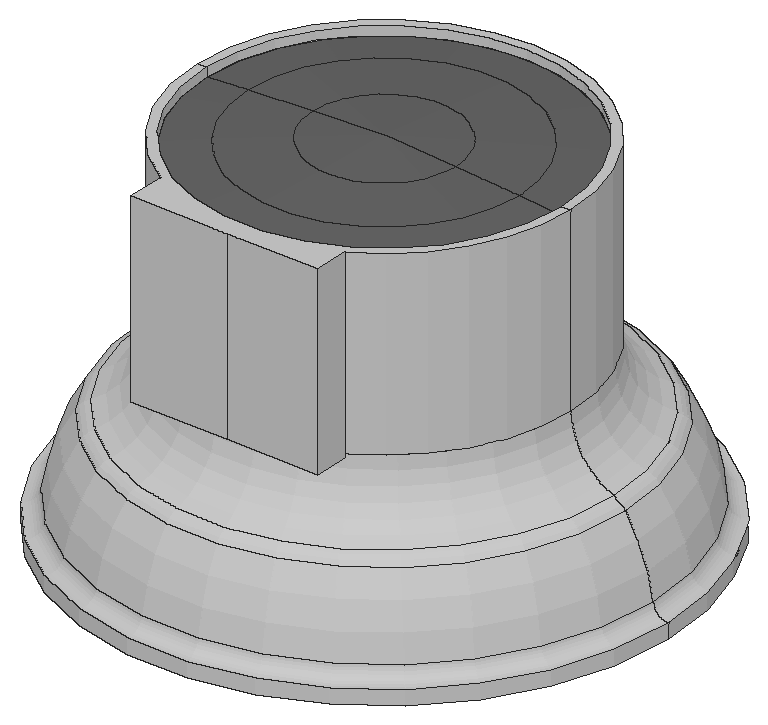
Revit family "DLC7", category Communication Devices, host Face, Revit 2021
Family settings
  Host = Face
  Maintain Annotation Orientation = No
  Round Connector Dimension = Use Diameter
  Part Type = Normal
  OmniClass Number = 23.85.80.11.27
  OmniClass Title = Lighting Controls
  Cut with Voids When Loaded = No
  Shared = Yes
  Room Calculation Point = No
Parameters
  Warranty = "5-Years Warranty"  # constant formula
  Type Comments = "Daylight Harvesting Controls"  # constant formula
  Space Planning = "Stand-Alone Solutions"
  Product Page URL = ""
  Product Documentation Link = ""
  URL = "https://www.currentlighting.com/nxlightingcontrols"
  Mount Type = "Ceiling, Surface"
  Model = "DLC7"  # constant formula
  Manufacturer = " NX Lighting Controls"  # constant formula
  Width = 2.00"
  Features = "Controls 2-wire 0–10V dimming ballasts\r\n• Light-sensitivity range of 0–500FC\r\n• Selectable 3- or 8-second dimming rate\r\n• Multiple calibration options\r\n• Low-profile design\r\n• Five-year limited warranty\r\n• Low voltage device: 24 Vdc"  # constant formula
  Certifications = "ETL/UL 916"
  Black = Paint -  Carbon Black
  Height = 4.50"
  Gray = Paint -  Gray Smooth
  Description = "Our DLC7 is the ideal system for providing continuous dimming control for\r\n2-wire 0–10V dimming ballasts based on natural daylight. This control maintains\r\nconstant, undisturbed, fluorescent light levels during peak use times. Through\r\ncontinuous monitoring of ambient light levels, the DLC7 dims the associated\r\nlighting fixtures to a user’s predefined foot-candle setting. The DLC7 dimming\r\nphotocell provides precise control of the actual amount of lighting on the work\r\nsurface (e.g. desktop, floor) within its field of view. Measured light levels are\r\nconverted into a linear, proportional, analog voltage that controls the ballastdimming range. This achieves maximum energy savings by efficiently blending\r\nnatural and artificial light to maintain a comfortable visual environment. "  # constant formula
  Default Elevation = 48.00"
  Copyright = "Copyright © 2019  NX Lighting Controls"  # constant formula
  Contact Us = ""
  Assembly Code = "D5090"
Reference planes (in)
  plane 1 "Center (Front/Back)": y = 13.01342
  plane 2: z = 0
  plane 3 "Center (Left/Right)": x = 0
  plane 4: x = 1
  plane 5: x = -1
  plane 6: y = 14.01342
  plane 7: y = 12.01342
  plane 8: z = 1.23
Forms (in)
  Revolve 1, solid, material "Paint -  Gray Smooth" <- "Gray"
    sketch origin (0, 13.01342, 0) x (-1, 0, 0) y (0, 0, 1)
      loop
        line (0, 0) -> (1, 0) -> (1, 0.05138)
        arc (1, 0.05138) -> (0.96266, 0.06331) -> (0.9435, 0.09752) r 0.05345
        arc (0.9435, 0.09752) -> (0.90998, 0.22881) -> (0.84747, 0.34903) r 0.59162
        arc (0.84747, 0.34903) -> (0.82934, 0.36848) -> (0.80613, 0.38144) r 0.08565
        arc (0.80613, 0.38144) -> (0.69742, 0.46539) -> (0.65625, 0.59642) r 0.22912
        line (0.65625, 0.59642) -> (0.65625, 1.23) -> (0.62497, 1.23) -> (0.62497, 1.199) -> (0, 1.199) -> (0, 0)
      axis (0, 1.23) -> (0, 0)
    angle from 0 to 360
  Revolve 2, solid, material "Paint -  Carbon Black" <- "Black"
    sketch origin (0, 13.01342, 0) x (-1, 0, 0) y (0, 0, 1)
      loop
        line (0, 1.199) -> (0.62497, 1.199) -> (0.47471, 1.21179) -> (0.24966, 1.22358) -> (0, 1.23667) -> (0, 1.199)
      axis (0, 1.23667) -> (0, 1.1973)
    angle from 0 to 360
  Extrusion 3, solid, material "Paint -  Gray Smooth" <- "Gray"
    sketch origin (0, 26.02684, 0) x (-1, 0, 0) y (0, -1, 0)
      loop
        line (0.33568, 13.56263) -> (0.33568, 13.70699) -> (0, 13.70699) -> (-0.32006, 13.70699) -> (-0.32006, 13.57164)
        arc (-0.32006, 13.57164) -> (0.00902, 13.65492) -> (0.33568, 13.56263) r 0.65625
    from 0.58194 to 1.23
Cuts and joins
  joined: Revolve 1, Extrusion 3
Dimensions and locks (in)
  "Width": plane 7 to plane 6
  "Width": plane 5 to plane 4
  equal spacing: plane 7, plane 1 "Center (Front/Back)", plane 6
  equal spacing: plane 5, plane 3 "Center (Left/Right)", plane 4
  plane 3 "Center (Left/Right)" to plane 5 = 1.00"
  plane 4 to plane 3 "Center (Left/Right)" = 1.00"
  aligned and locked: plane 2 to host face
  aligned and locked: level to host face
Automatic sketch dimensions
  host sketch curve to host sketch curve = 96.00"  (x2)
  Revolve 1 sketch curve to plane 3 "Center (Left/Right)" = 0.00"  (x2)
  Revolve 1 sketch curve to level = 0.00"
  Revolve 1 sketch curve to plane 8 = 0.00"
  Revolve 1 sketch curve to plane 5 = 0.00"
  level to Revolve 1 sketch curve = 0.01779"
  Revolve 1 sketch curve to plane 3 "Center (Left/Right)" = 0.35727"
  plane 8 to Revolve 1 sketch curve = 0.031"
  plane 5 to Revolve 1 sketch curve = 0.37503"
  Revolve 1 sketch curve to Revolve 1 sketch curve = 0.03128"
  plane 5 to Revolve 1 sketch curve = 0.2235"
  plane 5 to Revolve 1 sketch curve = 0.11463"
  plane 5 to Revolve 1 sketch curve = 0.00354"
  level to Revolve 1 sketch curve = 0.05138"
  Revolve 1 sketch curve to Revolve 1 sketch curve = 0.05334"
  Revolve 1 sketch curve to Revolve 1 sketch curve = 0.20356"
  Revolve 1 sketch curve to Revolve 1 sketch curve = 0.29534"
  Revolve 1 sketch curve to Revolve 1 sketch curve = 0.00"  (x2)
  Revolve 1 sketch curve to Revolve 1 sketch curve = 2.52"
  Revolve 1 sketch curve to plane 8 = 6.50"
  Revolve 2 sketch curve to plane 3 "Center (Left/Right)" = 0.00"  (x2)
  plane 8 to Revolve 2 sketch curve = 0.00642"
  Revolve 2 sketch curve to plane 3 "Center (Left/Right)" = 0.24966"
  plane 8 to Revolve 2 sketch curve = 0.01821"
  Revolve 2 sketch curve to Revolve 2 sketch curve = 0.22505"
  plane 8 to Revolve 2 sketch curve = 0.031"
  Revolve 2 sketch curve to Revolve 2 sketch curve = 0.15026"
  Revolve 2 sketch curve to plane 8 = 0.00667"
  Revolve 2 sketch curve to Revolve 2 sketch curve = 0.24847"
  Revolve 2 sketch curve to Revolve 2 sketch curve = 0.21386"
  Extrusion 3 sketch curve to plane 3 "Center (Left/Right)" = 0.00"  (x2)
  Extrusion 3 sketch curve to Extrusion 3 sketch curve = 0.32006"
  Extrusion 3 sketch curve to plane 3 "Center (Left/Right)" = 0.33568"
  Extrusion 3 sketch curve to plane 1 "Center (Front/Back)" = 0.01469"
  Extrusion 3 sketch curve to plane 7 = 0.45079"
  Extrusion 3 sketch curve to plane 7 = 0.30643"
Connectors (in)
  electrical at (0, 13.01342, 0)
    settings: on Revolve 1, index 1, voltage 0 V, apparent load 0 VA, apparent load phase1 0 VA, apparent load phase2 0 VA, apparent load phase3 0 VA, power factor 1, load classification "Other", number of poles 1, system type 14, power factor state 1, is connector primary yes, connector utility no, sub classification motor no, connector description "DAYLIGHTING CONTROL"
